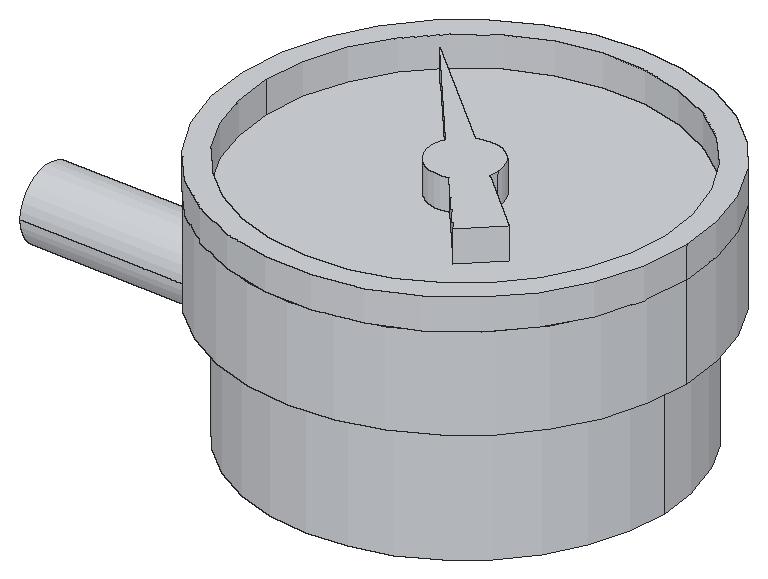
Revit family "GPC-Raiser", category Pipe Accessories, Revit 2025
Family settings
  Round Connector Dimension = Use Radius
  Part Type = Sensor
  OmniClass Number = 23.60.10.14
  OmniClass Title = Pressure Measuring Instruments
  Work Plane-Based = No
  Always vertical = Yes
  Cut with Voids When Loaded = No
  Shared = No
Parameters (values of type "50 mm Dial - 8 mm")
  Thickness = 28 mm
  Loss Method = Not Defined
  Dial Radius 5 = Dial Radius 4 * 1.5  # 3.75 mm
  Dial Radius 4 = Dial Radius * 0.1  # 2.5 mm
  Dial Radius 3 = Dial Radius * 0.8  # 20 mm
  Dial Radius 2 = Dial Radius * 0.5  # 12.5 mm
  Dial Radius 1 = Dial Radius * 0.9  # 22.5 mm
  Dial Radius = Dial Diameter / 2  # 25 mm
  Dial Diameter = 50 mm
  Nominal Radius = 4 mm
  Nominal Diameter = Nominal Radius * 2  # 8 mm
  Length 7 = Dial Radius 3 / 4  # 5 mm
  Length 6 = Dial Radius 2 * sin(45.00°)  # 8.839 mm
  Length 5 = Dial Radius 4 * 2 * sin(45.00°)  # 3.536 mm
  Length 4 = Dial Radius 2 * sin(45.00°) - Dial Radius 4 * sin(45.00°)  # 7.071 mm
  Length 3 = Dial Radius 2 * sin(45.00°) + Dial Radius 4 * sin(45.00°)  # 10.607 mm
  Length 2 = Dial Radius 3 * sin(45.00°)  # 14.142 mm
  Length 1 = Thickness / 4  # 7 mm
  Height = 72 mm
  Gauge Material = none
  Default Elevation = 0 mm
Types (4, lengths in mm): name | Thickness | Dial Radius 5 | Dial Radius 4 | Dial Radius 3 | Dial Radius 2 | Dial Radius 1 | Dial Radius | Dial Diameter | Length 7 | Length 6 | Length 5 | Length 4 | Length 3 | Length 2 | Length 1 | Height
  50 mm Dial - 8 mm | 28 | 3.75 | 2.5 | 20 | 12.5 | 22.5 | 25 | 50 | 5 | 8.839 | 3.536 | 7.071 | 10.607 | 14.142 | 7 | 72
  63 mm Dial - 8 mm | 28 | 4.725 | 3.15 | 25.2 | 15.75 | 28.35 | 31.5 | 63 | 6.3 | 11.137 | 4.455 | 8.91 | 13.364 | 17.819 | 7 | 85
  80 mm Dial - 8 mm | 29 | 6 | 4 | 32 | 20 | 36 | 40 | 80 | 8 | 14.142 | 5.657 | 11.314 | 16.971 | 22.627 | 7.25 | 99
  100 mm Dial - 8 mm | 31 | 7.5 | 5 | 40 | 25 | 45 | 50 | 100 | 10 | 17.678 | 7.071 | 14.142 | 21.213 | 28.284 | 7.75 | 120
Reference planes
  plane 1 "Center (Front/Back)": y = 0
  plane 2: z = 0
  plane 3 "Center (Left/Right)": x = 0
  plane 4: x = 72
  plane 5: x = 47
  plane 6: z = 7
  plane 7: z = 14
  plane 8: z = 21
  plane 9: z = -7
  plane 10: z = 17.5
  plane 11: x = 32.858
  plane 12: x = 57.607
  plane 13: x = 54.071
  plane 14: y = -7.071
  plane 15: y = -10.607
  plane 16: y = 14.142
  plane 17: x = 22
  plane 18: y = -8.839
  plane 19: x = 55.839
Forms (mm)
  Extrusion 1, solid, material <- "Gauge Material", detail levels fine
    sketch origin (0, 0, 0) x (1, 0, 0) y (0, 1, 0)
      loop
        circle (47, 0) r 25
      loop
        circle (47, 0) r 22.5
    from 17.5 to 21
  Extrusion 2, solid, material <- "Gauge Material", detail levels fine
    sketch origin (0, 0, 0) x (1, 0, 0) y (0, 1, 0)
      loop
        circle (47, 0) r 22.5
    from -7 to 7
  Extrusion 3, solid, material <- "Gauge Material", detail levels fine
    sketch origin (0, 0, 0) x (0, 1, 0) y (0, 0, 1)
      loop
        circle (0, 0) r 4
    from 0 to 47
  Extrusion 4, solid, material <- "Gauge Material", detail levels fine
    sketch origin (0, 0, 0) x (1, 0, 0) y (0, 1, 0)
      loop
        line (32.858, 14.142) -> (54.071, -10.607) -> (57.607, -7.071) -> (32.858, 14.142)
    from 17.5 to 21
  Extrusion 5, solid, material <- "Gauge Material", detail levels fine
    sketch origin (0, 0, 0) x (1, 0, 0) y (0, 1, 0)
      loop
        circle (47, 0) r 3.75
    from 17.5 to 21
  Extrusion 6, solid, material <- "Gauge Material", detail levels fine
    sketch origin (0, 0, 0) x (1, 0, 0) y (0, 1, 0)
      loop
        circle (47, 0) r 25
    from 7 to 17.5
Cuts and joins
  joined: Extrusion 1, Extrusion 2, Extrusion 3, Extrusion 4, Extrusion 5, Extrusion 6
Lines and regions (mm)
  model lines, detail levels coarse+medium
    curve 1: circle (47, 0, 0) r 25 normal (0, 0, 1)
    curve 2: line (0, 0, 0) -> (22, 0, 0)
    curve 3: line (47, 0, 0) -> (38.161, 8.839, 0)
    curve 4: line (47, 0, 0) -> (55.839, -8.839, 0)
    curve 5: line (55.839, -8.839, 0) -> (54.404, -5.374, 0)
    curve 6: line (55.839, -8.839, 0) -> (52.374, -7.404, 0)
Dimensions and locks
  "Height": plane 3 "Center (Left/Right)" to plane 4
  "Dial Radius": plane 5 to plane 4
  "Length 1": plane 6 to plane 2
  "Length 1": plane 7 to plane 6
  "Length 1": plane 8 to plane 7
  "Length 1": plane 2 to plane 9
  equal spacing: plane 8, plane 10, plane 7
  "Length 2": plane 11 to plane 5
  "Length 2": plane 1 "Center (Front/Back)" to plane 16
  "Length 4": plane 5 to plane 13
  "Length 3": plane 15 to plane 1 "Center (Front/Back)"
  "Length 5": plane 15 to plane 14
  "Length 5": plane 13 to plane 12
  "Dial Radius": plane 17 to plane 5
  "Dial Radius 2": curve 3 to curve 3
  "Dial Radius 2": curve 4 to curve 4
  "Length 6": plane 5 to plane 19
  "Length 6": plane 1 "Center (Front/Back)" to plane 18
  "Dial Radius 5": curve 5 to curve 5
  "Dial Radius 5": curve 6 to curve 6
  "Dial Radius": radius of Extrusion 1 sketch curve
  "Dial Radius 1": radius of Extrusion 1 sketch curve
  "Dial Radius 1": radius of Extrusion 2 sketch curve
  "Nominal Radius": radius of Extrusion 3 sketch curve
  "Dial Radius 5": radius of Extrusion 5 sketch curve
  "Dial Radius": radius of curve 1
  "Dial Radius": radius of Extrusion 6 sketch curve
  locked: curve 3 to plane 1 "Center (Front/Back)" (angle 45.00°)
  locked: curve 4 to plane 1 "Center (Front/Back)" (angle 45.00°)
  locked: plane 19 to curve 5 (angle 22.50°)
  locked: curve 6 to plane 18 (angle 22.50°)
  aligned and locked: plane 1 "Center (Front/Back)" to Extrusion 1 sketch curve  (x2)
  aligned and locked: plane 5 to Extrusion 1 sketch curve  (x2)
  aligned and locked: Extrusion 1 to plane 10
  aligned and locked: plane 8 to Extrusion 1
  aligned and locked: plane 1 "Center (Front/Back)" to Extrusion 2 sketch curve
  aligned and locked: plane 5 to Extrusion 2 sketch curve
  aligned and locked: Extrusion 2 to plane 9
  aligned and locked: plane 6 to Extrusion 2
  aligned and locked: plane 2 to Extrusion 3 sketch curve
  aligned and locked: plane 1 "Center (Front/Back)" to Extrusion 3 sketch curve
  aligned and locked: Extrusion 3 to plane 3 "Center (Left/Right)"
  aligned and locked: plane 5 to Extrusion 3
  aligned and locked: Extrusion 4 to plane 10
  aligned and locked: plane 8 to Extrusion 4
  aligned and locked: plane 1 "Center (Front/Back)" to Extrusion 5 sketch curve
  aligned and locked: plane 5 to Extrusion 5 sketch curve
  aligned and locked: Extrusion 5 to plane 10
  aligned and locked: plane 8 to Extrusion 5
  aligned and locked: plane 16 to Extrusion 4 sketch curve
  aligned and locked: plane 11 to Extrusion 4 sketch curve
  aligned and locked: plane 15 to Extrusion 4 sketch curve
  aligned and locked: plane 12 to Extrusion 4 sketch curve
  aligned and locked: plane 13 to Extrusion 4 sketch curve
  aligned and locked: plane 14 to Extrusion 4 sketch curve
  aligned and locked: plane 1 "Center (Front/Back)" to curve 1
  aligned and locked: plane 5 to curve 1
  aligned and locked: plane 3 "Center (Left/Right)" to curve 2
  aligned and locked: plane 1 "Center (Front/Back)" to curve 2
  aligned and locked: plane 1 "Center (Front/Back)" to curve 3
  aligned and locked: plane 5 to curve 3
  aligned and locked: plane 1 "Center (Front/Back)" to Extrusion 6 sketch curve
  aligned and locked: plane 5 to Extrusion 6 sketch curve
  aligned and locked: Extrusion 6 to plane 6
  aligned and locked: plane 10 to Extrusion 6
Connectors
  piping at (0, 0, 0), diameter 8, driven by "Nominal Radius"
    settings: on cut or joined group of Extrusion 1, Extrusion 2, Extrusion 3, Extrusion 4, Extrusion 5, Extrusion 6, index 1, connector inside diameter 8 mm, connector length 0 mm, flow factor 0, pipe flow 0.0 L/s, pressure drop 0.0 Pa, fitting loss kfactor 0, connector angle 0.00°, fixture units 0, engagement length 0 mm, angle of deflection 0.00°, flow configuration 0, flow direction 0, fitting loss method 0, system type 28, joint type 0, gender type 0, connector reference index -1, connector utility 0, adjustable connector no, is connector primary yes, connector description ""
